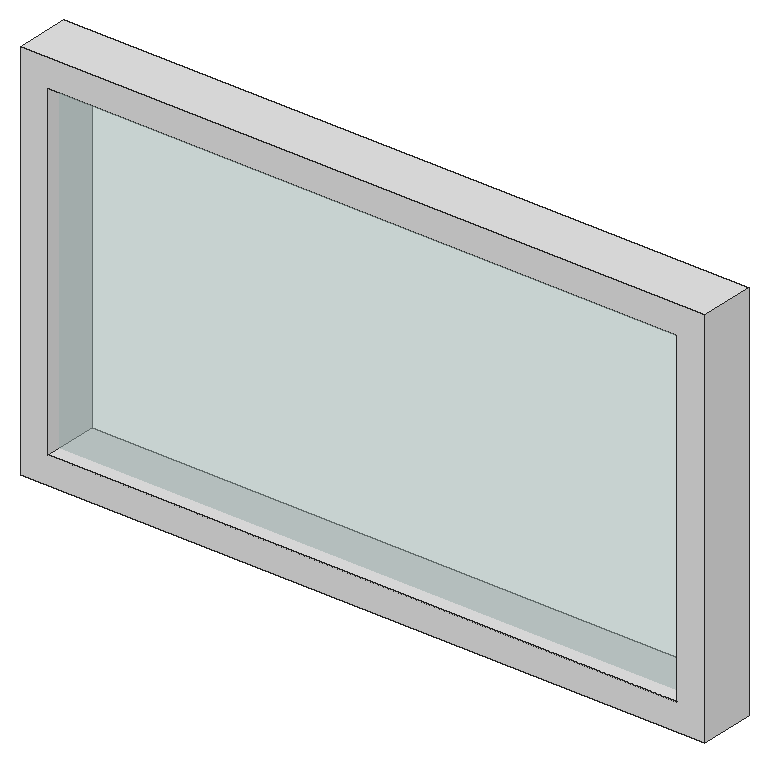
Revit family "CT_Jan_Ext_1Vid", category Windows, host Wall, Revit 2025
Family settings
  Host = Wall
  OmniClass Number = 23.30.20.00
  OmniClass Title = Windows
  Always vertical = Yes
  Cut with Voids When Loaded = No
  Shared = No
  Room Calculation Point = Yes
Parameters (values of type "JAN_FAC_1PA")
  Material_Vidro = CT_Vidros
  Material_Esquadria = CT_Aluminio
  Height [instance] = 0.700 m
  Espess_Esquadria = 0.050 m
  Define Thermal Properties by = Schematic Type
  Default Sill Height = 0.800 m
  Wall Closure = By host
  Width [instance] = 1.250 m
  Analytic Construction = "<None>"
Reference planes (m)
  plane 1 "Center (Front/Back)": y = 0
  plane 2 "Center (Left/Right)": x = 0
  plane 3 "Left": x = -0.625
  plane 4 "Right": x = 0.625
  plane 5 "Sill": z = 0.8
  plane 6 "Head": z = 1.5
  plane 7 "Exterior": y = 0.05
  plane 8 "Interior": y = -0.05
Forms (m)
  Extrusion 1, solid, material "CT_Aluminio" <- "Material_Esquadria"
    sketch origin (0, 0.05, 0) x (1, 0, 0) y (0, 0, 1)
      loop
        line (0.625, 1.5) -> (-0.625, 1.5) -> (-0.625, 0.8) -> (0.625, 0.8) -> (0.625, 1.5)
      loop
        line (0.575, 1.45) -> (-0.575, 1.45) -> (-0.575, 0.85) -> (0.575, 0.85) -> (0.575, 1.45)
    from 0 to 0.1
  Extrusion 2, solid, material "CT_Vidros" <- "Material_Vidro"
    sketch origin (0, 0.05, 0) x (1, 0, 0) y (0, 0, 1)
      loop
        line (0.6, 1.475) -> (-0.6, 1.475) -> (-0.6, 0.825) -> (0.6, 0.825) -> (0.6, 1.475)
    from 0.059773 to 0.074766
Lines and regions (m)
  Opening 1
    outline origin (3.5, -0.05, 0) x (1, 0, 0) y (0, 0, 1)
      loop
        line (-2.875, 0.8) -> (-2.875, 1.5) -> (-4.125, 1.5) -> (-4.125, 0.8) -> (-2.875, 0.8)
Text (m)
  text "EXTERIOR" at (-1.963203, 1.332353, 0), in view "Ref. Level"
  text "INTERIOR" at (-1.981466, -0.818386, 0), in view "Ref. Level"
  text "Exterior" at (0, 0.923751, 2.943296), in view "Right"
  text "Exterior" at (0, 1.040484, 2.685409), in view "Left"
Dimensions and locks (m)
  equal spacing: plane 3 "Left", plane 2 "Center (Left/Right)", plane 4 "Right"
  "Width": plane 3 "Left" to plane 4 "Right"
  "Height": plane 5 "Sill" to plane 6 "Head"
  "Default Sill Height": plane 5 "Sill" to level
  locked: plane 7 "Exterior" to host wall
  locked: plane 8 "Interior" to host wall
  "Espess_Esquadria": Extrusion 1 sketch curve to Extrusion 1 sketch curve  (x4)
  plane 5 "Sill" to Extrusion 1 sketch curve = 0.000 m
  locked: Extrusion 1 to Extrusion 2 at 0.025234
  locked: Extrusion 2 to Extrusion 2 at 0.014993
  Extrusion 1 to Extrusion 1 = 0.100 m
  aligned and locked: Extrusion 1 sketch curve to host wall  (x3)
  aligned and locked: plane 5 "Sill" to Extrusion 1
  aligned and locked: plane 8 "Interior" to Extrusion 1
  aligned and locked: host wall to Extrusion 1  (x2)
Automatic sketch dimensions
  Opening 1 sketch curve to plane 3 "Left" = 0.000 m
  Opening 1 sketch curve to plane 4 "Right" = 0.000 m
  Opening 1 sketch curve to plane 5 "Sill" = 0.000 m
  Opening 1 sketch curve to plane 6 "Head" = 0.000 m
  Extrusion 2 sketch curve to plane 3 "Left" = 0.025 m
  plane 4 "Right" to Extrusion 2 sketch curve = 0.025 m
  Extrusion 2 sketch curve to plane 5 "Sill" = 0.025 m
  plane 6 "Head" to Extrusion 2 sketch curve = 0.025 m
